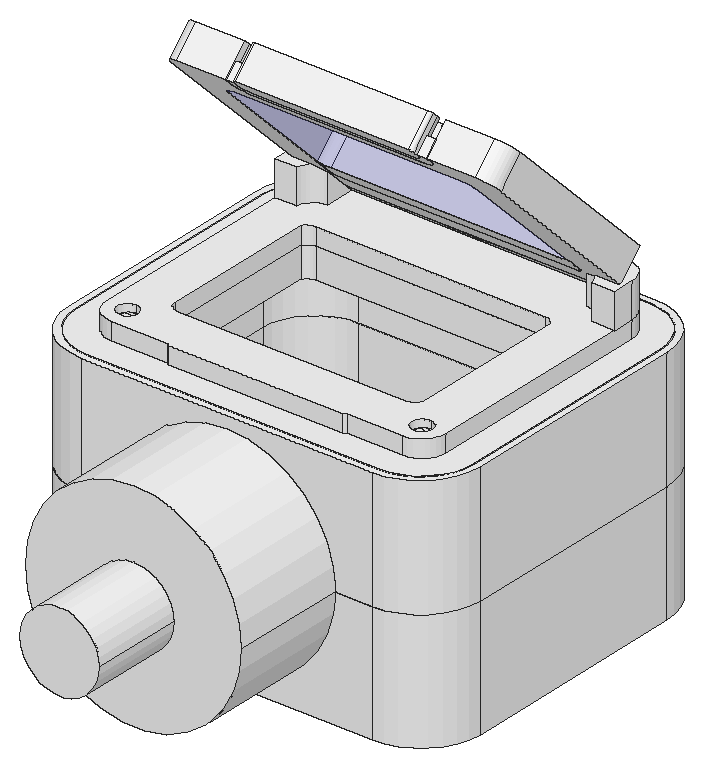
Revit family "Domotics-DomesticRanges-GEWISS-27COMBI_SYSTEM-IP55_FIXING_POST_HEAD", category Apparecchi elettrici, host Superficie, Revit 2016 (continued)
Definition of nested family "SYSTEM CONTENITORI IP55 3P TESTAPALO_BASE"
  Forms (mm)
    Extrusion 43, solid, detail levels medium+fine
      sketch origin (0, 0, 0) x (1, 0, 0) y (0, 0, 1)
        loop
          circle (0, 35) r 31.6
      from 51.5 to 85.533
    Extrusion 44, solid, detail levels medium+fine
      sketch origin (0, 0, 0) x (1, 0, 0) y (0, 0, 1)
        loop
          circle (0, 35) r 11.6
      from 85.533 to 112.5
    Extrusion 45, solid, material <- "SCATOLA", detail levels coarse
      sketch origin (0, 0, 17.5) x (1, 0, 0) y (0, 1, 0)
        loop
          line (42.5, 51.5) -> (-42.5, 51.5)
          arc (-42.5, 51.5) -> (-54.874, 46.374) -> (-60, 34) r 17.5
          line (-60, 34) -> (-60, -34)
          arc (-60, -34) -> (-54.874, -46.374) -> (-42.5, -51.5) r 17.5
          line (-42.5, -51.5) -> (42.5, -51.5)
          arc (42.5, -51.5) -> (54.874, -46.374) -> (60, -34) r 17.5
          line (60, -34) -> (60, 34)
          arc (60, 34) -> (54.874, 46.374) -> (42.5, 51.5) r 17.5
      from -17.5 to 52.5
  Cuts and joins
    joined: Extrusion 1, Extrusion 2
  Lines and regions (mm)
    model lines, not visible
      curve 1: line (42.5, 51.5, 0) -> (-42.5, 51.5, 0)
      curve 2: line (-60, -34, 0) -> (-60, 34, 0)
      curve 3: arc (-42.5, 51.5, 0) -> (-54.874, 46.374, 0) -> (-60, 34, 0) r 17.5
      curve 4: arc (-60, -34, 0) -> (-54.874, -46.374, 0) -> (-42.5, -51.5, 0) r 17.5
      curve 5: line (42.5, -51.5, 0) -> (-42.5, -51.5, 0)
      curve 6: arc (42.5, -51.5, 0) -> (54.874, -46.374, 0) -> (60, -34, 0) r 17.5
      curve 7: line (60, -34, 0) -> (60, 34, 0)
      curve 8: arc (60, 34, 0) -> (54.874, 46.374, 0) -> (42.5, 51.5, 0) r 17.5
      curve 9: arc (56.306, 34.157, 0) -> (52.271, 43.898, 0) -> (42.529, 47.933, 0) r 13.777
      curve 10: line (42.529, 47.933, 0) -> (-42.496, 47.933, 0)
      curve 11: arc (-42.496, 47.933, 0) -> (-51.949, 44.221, 0) -> (-56.35, 35.067, 0) r 13.891
      curve 12: line (-56.35, -34, 0) -> (-56.35, 35.067, 0)
      curve 13: arc (-56.35, -34, 0) -> (-52.293, -43.793, 0) -> (-42.5, -47.85, 0) r 13.85
      curve 14: line (42.5, -47.85, 0) -> (-42.5, -47.85, 0)
      curve 15: arc (42.5, -47.85, 0) -> (52.675, -43.395, 0) -> (56.306, -32.898, 0) r 13.85
      curve 16: line (56.306, -32.898, 0) -> (56.306, 34.157, 0)
      curve 17: line (49.763, -33.831, 0) -> (49.763, 34.169, 0)
      curve 18: arc (49.763, 34.169, 0) -> (47.713, 39.118, 0) -> (42.763, 41.169, 0) r 7
      curve 19: line (-42.237, 41.169, 0) -> (42.763, 41.169, 0)
      curve 20: arc (-42.237, 41.169, 0) -> (-47.186, 39.118, 0) -> (-49.237, 34.169, 0) r 7
      curve 21: line (-49.237, -33.831, 0) -> (-49.237, 34.169, 0)
      curve 22: arc (-49.237, -33.831, 0) -> (-47.186, -38.781, 0) -> (-42.237, -40.831, 0) r 7
      curve 23: line (-42.237, -40.831, 0) -> (-25.898, -40.831, 0)
      curve 24: arc (-26.037, -40.324, 0) -> (-25.744, -41.031, 0) -> (-25.037, -41.324, 0) r 1
      curve 25: line (-25.037, -41.324, 0) -> (25.563, -41.324, 0)
      curve 26: arc (25.563, -41.324, 0) -> (26.271, -41.031, 0) -> (26.563, -40.324, 0) r 1
      curve 27: line (26.425, -40.831, 0) -> (42.763, -40.831, 0)
      curve 28: arc (42.763, -40.831, 0) -> (47.713, -38.781, 0) -> (49.763, -33.831, 0) r 7
      curve 29: line (26.563, -40.324, 0) -> (26.563, -38.165, 0)
      curve 30: arc (26.563, -38.165, 0) -> (25.685, -36.044, 0) -> (23.563, -35.165, 0) r 3
      curve 31: line (-23.037, -35.165, 0) -> (23.563, -35.165, 0)
      curve 32: arc (-23.037, -35.165, 0) -> (-25.158, -36.044, 0) -> (-26.037, -38.165, 0) r 3
      curve 33: line (-26.037, -40.324, 0) -> (-26.037, -38.165, 0)
      curve 34: circle (-17.337, -38.622, 0) r 1 normal (0, 0, 1)
      curve 35: circle (-8.537, -38.622, 0) r 1 normal (0, 0, 1)
      curve 36: circle (0.263, -38.622, 0) r 1 normal (0, 0, 1)
      curve 37: circle (9.063, -38.622, 0) r 1 normal (0, 0, 1)
      curve 38: circle (17.863, -38.622, 0) r 1 normal (0, 0, 1)
      curve 39: line (-38.5, -39.2, 0) -> (-29.037, -39.2, 0)
      curve 40: arc (-39.5, -38.2, 0) -> (-39.207, -38.907, 0) -> (-38.5, -39.2, 0) r 1
      curve 41: line (-39.5, -38.2, 0) -> (-39.5, -34.5, 0)
      curve 42: arc (-39.5, -34.5, 0) -> (-40.525, -32.025, 0) -> (-43, -31, 0) r 3.5
      curve 43: line (-43, -31, 0) -> (-46.7, -31, 0)
      curve 44: arc (-47.7, -30, 0) -> (-47.407, -30.707, 0) -> (-46.7, -31, 0) r 1
      curve 45: circle (-42.737, -34.331, 0) r 3 normal (0, 0, 1)
      curve 46: line (-44.019, -32.701, 0) -> (-41.455, -35.962, 0)
      curve 47: line (-44.459, -35.652, 0) -> (-41.014, -33.01, 0)
      curve 48: line (-47.7, -30, 0) -> (-47.7, 27.667, 0)
      curve 49: arc (-49.237, 27.637, 0) -> (-46.111, 27.71, 0) -> (-42.986, 27.836, 0) r 185.778
      curve 50: arc (-37.737, 32.513, 0) -> (-41.206, 31.123, 0) -> (-42.986, 27.836, 0) r 5.5
      curve 51: line (-37.737, 32.513, 0) -> (-37.737, 41.169, 0)
      curve 52: circle (-42.737, 34.669, 0) r 3 normal (0, 0, 1)
      curve 53: line (-43.287, 36.669, 0) -> (-42.187, 32.669, 0)
      curve 54: line (-44.837, 34.119, 0) -> (-40.637, 35.219, 0)
      curve 55: arc (38.063, 38.269, 0) -> (0.163, 39.169, 0) -> (-37.737, 38.268, 0) r 798.156
      curve 56: line (38.063, 32.217, 0) -> (38.063, 41.169, 0)
      curve 57: arc (43.264, 27.342, 0) -> (41.631, 30.811, 0) -> (38.063, 32.217, 0) r 5.2
      curve 58: arc (43.264, 27.342, 0) -> (46.513, 27.221, 0) -> (49.763, 27.16, 0) r 177.869
      curve 59: circle (43.263, 34.669, 0) r 3 normal (0, 0, 1)
      curve 60: line (44.578, 32.941, 0) -> (41.949, 36.396, 0)
      curve 61: line (41.628, 33.393, 0) -> (44.899, 35.944, 0)
      curve 62: line (47.7, -30, 0) -> (47.7, 27.192, 0)
      curve 63: arc (46.7, -31, 0) -> (47.407, -30.707, 0) -> (47.7, -30, 0) r 1
      curve 64: line (46.7, -31, 0) -> (43, -31, 0)
      curve 65: arc (43, -31, 0) -> (40.525, -32.025, 0) -> (39.5, -34.5, 0) r 3.5
      curve 66: line (39.5, -38.2, 0) -> (39.5, -34.5, 0)
      curve 67: arc (38.5, -39.2, 0) -> (39.207, -38.907, 0) -> (39.5, -38.2, 0) r 1
      curve 68: circle (43.263, -34.331, 0) r 3 normal (0, 0, 1)
      curve 69: line (42.713, -32.331, 0) -> (43.813, -36.331, 0)
      curve 70: line (41.163, -34.881, 0) -> (45.363, -33.781, 0)
      curve 71: line (38.5, -39.2, 0) -> (29.563, -39.2, 0)
      curve 72: line (-33.5, -27.831, 0) -> (33.5, -27.831, 0)
      curve 73: arc (-36.5, -24.831, 0) -> (-35.621, -26.953, 0) -> (-33.5, -27.831, 0) r 3
      curve 74: line (-36.5, -24.831, 0) -> (-36.5, 27.169, 0)
      curve 75: line (-34.65, 19.669, 0) -> (-34.65, -25.331, 0)
      curve 76: line (-34.65, -25.331, 0) -> (34.65, -25.331, 0)
      curve 77: line (36.5, -24.831, 0) -> (36.5, 27.169, 0)
      curve 78: arc (33.5, -27.831, 0) -> (35.621, -26.953, 0) -> (36.5, -24.831, 0) r 3
      curve 79: arc (36.5, 20.971, 0) -> (35.223, 22.215, 0) -> (33.5, 22.669, 0) r 3.5
      curve 80: line (34.65, 19.669, 0) -> (-34.65, 19.669, 0)
      curve 81: line (-33.5, 22.669, 0) -> (33.5, 22.669, 0)
      curve 82: arc (-33.5, 22.669, 0) -> (-35.223, 22.215, 0) -> (-36.5, 20.971, 0) r 3.5
      curve 83: arc (-33.5, 30.169, 0) -> (-35.621, 29.29, 0) -> (-36.5, 27.169, 0) r 3
      curve 84: line (-33.5, 30.169, 0) -> (33.5, 30.169, 0)
      curve 85: arc (36.5, 27.169, 0) -> (35.621, 29.29, 0) -> (33.5, 30.169, 0) r 3
      curve 86: line (-28, -52.5, 0) -> (-28, -51.5, 0)
      curve 87: line (-16, -52.5, 0) -> (-28, -52.5, 0)
      curve 88: line (-16, -51.5, 0) -> (-16, -52.5, 0)
      curve 89: line (16, -52.5, 0) -> (16, -51.5, 0)
      curve 90: line (28, -52.5, 0) -> (16, -52.5, 0)
      curve 91: line (28, -51.5, 0) -> (28, -52.5, 0)
      curve 92: line (-16.444, -65.422, 0) -> (-16.444, -52.5, 0)
      curve 93: arc (-16.444, -65.422, 0) -> (-16.152, -66.129, 0) -> (-15.444, -66.422, 0) r 1
      curve 94: line (15.52, -66.422, 0) -> (-15.444, -66.422, 0)
      curve 95: arc (15.52, -66.422, 0) -> (16.227, -66.129, 0) -> (16.52, -65.422, 0) r 1
      curve 96: line (16.52, -65.422, 0) -> (16.52, -52.5, 0)
      curve 97: line (26.038, -64.422, 0) -> (26.038, -52.5, 0)
      curve 98: arc (8.538, -81.922, 0) -> (20.912, -76.796, 0) -> (26.038, -64.422, 0) r 17.5
      curve 99: line (8.538, -81.922, 0) -> (-8.462, -81.922, 0)
      curve 100: circle (0.038, -74.922, 0) r 2 normal (0, 0, 1)
      curve 101: arc (-25.962, -64.422, 0) -> (-20.837, -76.796, 0) -> (-8.462, -81.922, 0) r 17.5
      curve 102: line (-25.962, -64.422, 0) -> (-25.962, -52.5, 0)
      curve 103: line (8.538, 81.922, 0) -> (-8.462, 81.922, 0)
      curve 104: arc (-8.462, 81.922, 0) -> (-20.837, 76.796, 0) -> (-25.962, 64.422, 0) r 17.5
      curve 105: arc (26.038, 64.422, 0) -> (20.912, 76.796, 0) -> (8.538, 81.922, 0) r 17.5
      curve 106: line (26.038, 64.422, 0) -> (26.038, 52.5, 0)
      curve 107: line (16.52, 65.422, 0) -> (16.52, 52.5, 0)
      curve 108: arc (16.52, 65.422, 0) -> (16.227, 66.129, 0) -> (15.52, 66.422, 0) r 1
      curve 109: line (15.52, 66.422, 0) -> (-15.444, 66.422, 0)
      curve 110: line (-16.444, 65.422, 0) -> (-16.444, 52.5, 0)
      curve 111: arc (-15.444, 66.422, 0) -> (-16.152, 66.129, 0) -> (-16.444, 65.422, 0) r 1
      curve 112: line (-25.962, 64.422, 0) -> (-25.962, 52.5, 0)
      curve 113: line (28, 52.5, 0) -> (16, 52.5, 0)
      curve 114: line (28, 51.5, 0) -> (28, 52.5, 0)
      curve 115: line (16, 52.5, 0) -> (16, 51.5, 0)
      curve 116: line (-16, 51.5, 0) -> (-16, 52.5, 0)
      curve 117: line (-16, 52.5, 0) -> (-28, 52.5, 0)
      curve 118: line (34.65, -25.331, 0) -> (34.65, 19.669, 0)
      curve 119: line (-29.037, -40.831, 0) -> (-29.037, -37.188, 0)
      curve 120: arc (-24.537, -32.688, 0) -> (-27.719, -34.006, 0) -> (-29.037, -37.188, 0) r 4.5
      curve 121: line (-24.537, -32.688, 0) -> (25.063, -32.688, 0)
      curve 122: arc (29.563, -37.188, 0) -> (28.245, -34.006, 0) -> (25.063, -32.688, 0) r 4.5
      curve 123: line (29.563, -40.831, 0) -> (29.563, -37.188, 0)
      curve 124: line (-28, 52.5, 0) -> (-28, 51.5, 0)
    model lines, not visible, detail levels coarse
      curve 125: line (42.5, 51.5, 155) -> (-42.5, 51.5, 155)
      curve 126: line (-60, -34, 155) -> (-60, 34, 155)
      curve 127: arc (-42.5, 51.5, 155) -> (-54.874, 46.374, 155) -> (-60, 34, 155) r 17.5
      curve 128: arc (-60, -34, 155) -> (-54.874, -46.374, 155) -> (-42.5, -51.5, 155) r 17.5
      curve 129: line (42.5, -51.5, 155) -> (-42.5, -51.5, 155)
      curve 130: arc (42.5, -51.5, 155) -> (54.874, -46.374, 155) -> (60, -34, 155) r 17.5
      curve 131: line (60, -34, 155) -> (60, 34, 155)
      curve 132: arc (60, 34, 155) -> (54.874, 46.374, 155) -> (42.5, 51.5, 155) r 17.5
      curve 133: arc (56.306, 34.157, 155) -> (52.271, 43.898, 155) -> (42.529, 47.933, 155) r 13.777
      curve 134: line (42.529, 47.933, 155) -> (-42.496, 47.933, 155)
      curve 135: arc (-42.496, 47.933, 155) -> (-51.949, 44.221, 155) -> (-56.35, 35.067, 155) r 13.891
      curve 136: line (-56.35, -34, 155) -> (-56.35, 35.067, 155)
      curve 137: arc (-56.35, -34, 155) -> (-52.293, -43.793, 155) -> (-42.5, -47.85, 155) r 13.85
      curve 138: line (42.5, -47.85, 155) -> (-42.5, -47.85, 155)
      curve 139: arc (42.5, -47.85, 155) -> (52.675, -43.395, 155) -> (56.306, -32.898, 155) r 13.85
      curve 140: line (56.306, -32.898, 155) -> (56.306, 34.157, 155)
      curve 141: line (49.763, -33.831, 155) -> (49.763, 34.169, 155)
      curve 142: arc (49.763, 34.169, 155) -> (47.713, 39.118, 155) -> (42.763, 41.169, 155) r 7
      curve 143: line (-42.237, 41.169, 155) -> (42.763, 41.169, 155)
      curve 144: arc (-42.237, 41.169, 155) -> (-47.186, 39.118, 155) -> (-49.237, 34.169, 155) r 7
      curve 145: line (-49.237, -33.831, 155) -> (-49.237, 34.169, 155)
      curve 146: arc (-49.237, -33.831, 155) -> (-47.186, -38.781, 155) -> (-42.237, -40.831, 155) r 7
      curve 147: line (-42.237, -40.831, 155) -> (-25.898, -40.831, 155)
      curve 148: arc (-26.037, -40.324, 155) -> (-25.744, -41.031, 155) -> (-25.037, -41.324, 155) r 1
      curve 149: line (-25.037, -41.324, 155) -> (25.563, -41.324, 155)
      curve 150: arc (25.563, -41.324, 155) -> (26.271, -41.031, 155) -> (26.563, -40.324, 155) r 1
      curve 151: line (26.425, -40.831, 155) -> (42.763, -40.831, 155)
      curve 152: arc (42.763, -40.831, 155) -> (47.713, -38.781, 155) -> (49.763, -33.831, 155) r 7
      curve 153: line (26.563, -40.324, 155) -> (26.563, -38.165, 155)
      curve 154: arc (26.563, -38.165, 155) -> (25.685, -36.044, 155) -> (23.563, -35.165, 155) r 3
      curve 155: line (-23.037, -35.165, 155) -> (23.563, -35.165, 155)
      curve 156: arc (-23.037, -35.165, 155) -> (-25.158, -36.044, 155) -> (-26.037, -38.165, 155) r 3
      curve 157: line (-26.037, -40.324, 155) -> (-26.037, -38.165, 155)
      curve 158: circle (-17.337, -38.622, 155) r 1 normal (0, 0, 1)
      curve 159: circle (-8.537, -38.622, 155) r 1 normal (0, 0, 1)
      curve 160: circle (0.263, -38.622, 155) r 1 normal (0, 0, 1)
      curve 161: circle (9.063, -38.622, 155) r 1 normal (0, 0, 1)
      curve 162: circle (17.863, -38.622, 155) r 1 normal (0, 0, 1)
      curve 163: line (-38.5, -39.2, 155) -> (-29.037, -39.2, 155)
      curve 164: arc (-39.5, -38.2, 155) -> (-39.207, -38.907, 155) -> (-38.5, -39.2, 155) r 1
      curve 165: line (-39.5, -38.2, 155) -> (-39.5, -34.5, 155)
      curve 166: arc (-39.5, -34.5, 155) -> (-40.525, -32.025, 155) -> (-43, -31, 155) r 3.5
      curve 167: line (-43, -31, 155) -> (-46.7, -31, 155)
      curve 168: arc (-47.7, -30, 155) -> (-47.407, -30.707, 155) -> (-46.7, -31, 155) r 1
      curve 169: circle (-42.737, -34.331, 155) r 3 normal (0, 0, 1)
      curve 170: line (-44.019, -32.701, 155) -> (-41.455, -35.962, 155)
      curve 171: line (-44.459, -35.652, 155) -> (-41.014, -33.01, 155)
      curve 172: line (-47.7, -30, 155) -> (-47.7, 27.667, 155)
      curve 173: arc (-49.237, 27.637, 155) -> (-46.111, 27.71, 155) -> (-42.986, 27.836, 155) r 185.778
      curve 174: arc (-37.737, 32.513, 155) -> (-41.206, 31.123, 155) -> (-42.986, 27.836, 155) r 5.5
      curve 175: line (-37.737, 32.513, 155) -> (-37.737, 41.169, 155)
      curve 176: circle (-42.737, 34.669, 155) r 3 normal (0, 0, 1)
      curve 177: line (-43.287, 36.669, 155) -> (-42.187, 32.669, 155)
      curve 178: line (-44.837, 34.119, 155) -> (-40.637, 35.219, 155)
      curve 179: arc (38.063, 38.269, 155) -> (0.163, 39.169, 155) -> (-37.737, 38.268, 155) r 798.156
      curve 180: line (38.063, 32.217, 155) -> (38.063, 41.169, 155)
      curve 181: arc (43.264, 27.342, 155) -> (41.631, 30.811, 155) -> (38.063, 32.217, 155) r 5.2
      curve 182: arc (43.264, 27.342, 155) -> (46.513, 27.221, 155) -> (49.763, 27.16, 155) r 177.869
      curve 183: circle (43.263, 34.669, 155) r 3 normal (0, 0, 1)
      curve 184: line (44.578, 32.941, 155) -> (41.949, 36.396, 155)
      curve 185: line (41.628, 33.393, 155) -> (44.899, 35.944, 155)
      curve 186: line (47.7, -30, 155) -> (47.7, 27.192, 155)
      curve 187: arc (46.7, -31, 155) -> (47.407, -30.707, 155) -> (47.7, -30, 155) r 1
      curve 188: line (46.7, -31, 155) -> (43, -31, 155)
      curve 189: arc (43, -31, 155) -> (40.525, -32.025, 155) -> (39.5, -34.5, 155) r 3.5
      curve 190: line (39.5, -38.2, 155) -> (39.5, -34.5, 155)
      curve 191: arc (38.5, -39.2, 155) -> (39.207, -38.907, 155) -> (39.5, -38.2, 155) r 1
      curve 192: circle (43.263, -34.331, 155) r 3 normal (0, 0, 1)
      curve 193: line (42.713, -32.331, 155) -> (43.813, -36.331, 155)
      curve 194: line (41.163, -34.881, 155) -> (45.363, -33.781, 155)
      curve 195: line (38.5, -39.2, 155) -> (29.563, -39.2, 155)
      curve 196: line (-33.5, -27.831, 155) -> (33.5, -27.831, 155)
      curve 197: arc (-36.5, -24.831, 155) -> (-35.621, -26.953, 155) -> (-33.5, -27.831, 155) r 3
      curve 198: line (-36.5, -24.831, 155) -> (-36.5, 27.169, 155)
      curve 199: line (-34.65, 19.669, 155) -> (-34.65, -25.331, 155)
      curve 200: line (-34.65, -25.331, 155) -> (34.65, -25.331, 155)
      curve 201: line (36.5, -24.831, 155) -> (36.5, 27.169, 155)
      curve 202: arc (33.5, -27.831, 155) -> (35.621, -26.953, 155) -> (36.5, -24.831, 155) r 3
      curve 203: arc (36.5, 20.971, 155) -> (35.223, 22.215, 155) -> (33.5, 22.669, 155) r 3.5
      curve 204: line (34.65, 19.669, 155) -> (-34.65, 19.669, 155)
      curve 205: line (-33.5, 22.669, 155) -> (33.5, 22.669, 155)
      curve 206: arc (-33.5, 22.669, 155) -> (-35.223, 22.215, 155) -> (-36.5, 20.971, 155) r 3.5
      curve 207: arc (-33.5, 30.169, 155) -> (-35.621, 29.29, 155) -> (-36.5, 27.169, 155) r 3
      curve 208: line (-33.5, 30.169, 155) -> (33.5, 30.169, 155)
      curve 209: arc (36.5, 27.169, 155) -> (35.621, 29.29, 155) -> (33.5, 30.169, 155) r 3
      curve 210: line (34.65, -25.331, 155) -> (34.65, 19.669, 155)
      curve 211: line (-29.037, -40.831, 155) -> (-29.037, -37.188, 155)
      curve 212: arc (-24.537, -32.688, 155) -> (-27.719, -34.006, 155) -> (-29.037, -37.188, 155) r 4.5
      curve 213: line (-24.537, -32.688, 155) -> (25.063, -32.688, 155)
      curve 214: arc (29.563, -37.188, 155) -> (28.245, -34.006, 155) -> (25.063, -32.688, 155) r 4.5
      curve 215: line (29.563, -40.831, 155) -> (29.563, -37.188, 155)
      curve 224: line (-31.618, -85.533, 155) -> (-31.618, -51.5, 155)
      curve 225: line (31.618, -85.533, 155) -> (-31.618, -85.533, 155)
      curve 226: line (-11.59, -112.5, 155) -> (-11.59, -85.533, 155)
      curve 227: line (11.59, -112.5, 155) -> (-11.59, -112.5, 155)
      curve 228: line (11.59, -85.533, 155) -> (11.59, -112.5, 155)
      curve 229: line (31.618, -51.5, 155) -> (31.618, -85.533, 155)
    sketch lines
      curve 216: line (37.737, 41.169, 75) -> (0, 41.169, 75)
      curve 217: line (-37.737, 41.169, 75) -> (0, 41.169, 75)
      curve 220: line (37.737, 41.169, 75) -> (0, 41.169, 75)
      curve 221: line (-37.737, 41.169, 75) -> (0, 41.169, 75)
    sketch lines, not visible
      curve 218: line (37.737, 41.169, 75) -> (0, 41.169, 75)
      curve 219: line (-37.737, 41.169, 75) -> (0, 41.169, 75)
      curve 222: line (-100.757, -146.049, 47.299) -> (-138.493, -146.049, 47.299)
      curve 223: line (-176.23, -146.049, 47.299) -> (-138.493, -146.049, 47.299)
    model lines, detail levels coarse
      curve 230: line (42.5, 51.5, 70) -> (-42.5, 51.5, 70)
      curve 231: line (-60, -34, 70) -> (-60, 34, 70)
      curve 232: arc (-42.5, 51.5, 70) -> (-54.874, 46.374, 70) -> (-60, 34, 70) r 17.5
      curve 233: arc (-60, -34, 70) -> (-54.874, -46.374, 70) -> (-42.5, -51.5, 70) r 17.5
      curve 234: line (42.5, -51.5, 70) -> (-42.5, -51.5, 70)
      curve 235: arc (42.5, -51.5, 70) -> (54.874, -46.374, 70) -> (60, -34, 70) r 17.5
      curve 236: line (60, -34, 70) -> (60, 34, 70)
      curve 237: arc (60, 34, 70) -> (54.874, 46.374, 70) -> (42.5, 51.5, 70) r 17.5
      curve 238: arc (56.306, 34.157, 70) -> (52.271, 43.898, 70) -> (42.529, 47.933, 70) r 13.777
      curve 239: line (42.529, 47.933, 70) -> (-42.496, 47.933, 70)
      curve 240: arc (-42.496, 47.933, 70) -> (-51.949, 44.221, 70) -> (-56.35, 35.067, 70) r 13.891
      curve 241: line (-56.35, -34, 70) -> (-56.35, 35.067, 70)
      curve 242: arc (-56.35, -34, 70) -> (-52.293, -43.793, 70) -> (-42.5, -47.85, 70) r 13.85
      curve 243: line (42.5, -47.85, 70) -> (-42.5, -47.85, 70)
      curve 244: arc (42.5, -47.85, 70) -> (52.675, -43.395, 70) -> (56.306, -32.898, 70) r 13.85
      curve 245: line (56.306, -32.898, 70) -> (56.306, 34.157, 70)
      curve 246: line (49.763, -33.831, 70) -> (49.763, 34.169, 70)
      curve 247: arc (49.763, 34.169, 70) -> (47.713, 39.118, 70) -> (42.763, 41.169, 70) r 7
      curve 248: line (-42.237, 41.169, 70) -> (42.763, 41.169, 70)
      curve 249: arc (-42.237, 41.169, 70) -> (-47.186, 39.118, 70) -> (-49.237, 34.169, 70) r 7
      curve 250: line (-49.237, -33.831, 70) -> (-49.237, 34.169, 70)
      curve 251: arc (-49.237, -33.831, 70) -> (-47.186, -38.781, 70) -> (-42.237, -40.831, 70) r 7
      curve 252: line (-42.237, -40.831, 70) -> (-25.898, -40.831, 70)
      curve 253: arc (-26.037, -40.324, 70) -> (-25.744, -41.031, 70) -> (-25.037, -41.324, 70) r 1
      curve 254: line (-25.037, -41.324, 70) -> (25.563, -41.324, 70)
      curve 255: arc (25.563, -41.324, 70) -> (26.271, -41.031, 70) -> (26.563, -40.324, 70) r 1
      curve 256: line (26.425, -40.831, 70) -> (42.763, -40.831, 70)
      curve 257: arc (42.763, -40.831, 70) -> (47.713, -38.781, 70) -> (49.763, -33.831, 70) r 7
      curve 258: line (26.563, -40.324, 70) -> (26.563, -38.165, 70)
      curve 259: arc (26.563, -38.165, 70) -> (25.685, -36.044, 70) -> (23.563, -35.165, 70) r 3
      curve 260: line (-23.037, -35.165, 70) -> (23.563, -35.165, 70)
      curve 261: arc (-23.037, -35.165, 70) -> (-25.158, -36.044, 70) -> (-26.037, -38.165, 70) r 3
      curve 262: line (-26.037, -40.324, 70) -> (-26.037, -38.165, 70)
      curve 263: circle (-17.337, -38.622, 70) r 1 normal (0, 0, 1)
      curve 264: circle (-8.537, -38.622, 70) r 1 normal (0, 0, 1)
      curve 265: circle (0.263, -38.622, 70) r 1 normal (0, 0, 1)
      curve 266: circle (9.063, -38.622, 70) r 1 normal (0, 0, 1)
      curve 267: circle (17.863, -38.622, 70) r 1 normal (0, 0, 1)
      curve 268: line (-38.5, -39.2, 70) -> (-29.037, -39.2, 70)
      curve 269: arc (-39.5, -38.2, 70) -> (-39.207, -38.907, 70) -> (-38.5, -39.2, 70) r 1
      curve 270: line (-39.5, -38.2, 70) -> (-39.5, -34.5, 70)
      curve 271: arc (-39.5, -34.5, 70) -> (-40.525, -32.025, 70) -> (-43, -31, 70) r 3.5
      curve 272: line (-43, -31, 70) -> (-46.7, -31, 70)
      curve 273: arc (-47.7, -30, 70) -> (-47.407, -30.707, 70) -> (-46.7, -31, 70) r 1
      curve 274: circle (-42.737, -34.331, 70) r 3 normal (0, 0, 1)
      curve 275: line (-44.019, -32.701, 70) -> (-41.455, -35.962, 70)
      curve 276: line (-44.459, -35.652, 70) -> (-41.014, -33.01, 70)
      curve 277: line (-47.7, -30, 70) -> (-47.7, 27.667, 70)
      curve 278: arc (-49.237, 27.637, 70) -> (-46.111, 27.71, 70) -> (-42.986, 27.836, 70) r 185.778
      curve 279: arc (-37.737, 32.513, 70) -> (-41.206, 31.123, 70) -> (-42.986, 27.836, 70) r 5.5
      curve 280: line (-37.737, 32.513, 70) -> (-37.737, 41.169, 70)
      curve 281: circle (-42.737, 34.669, 70) r 3 normal (0, 0, 1)
      curve 282: line (-43.287, 36.669, 70) -> (-42.187, 32.669, 70)
      curve 283: line (-44.837, 34.119, 70) -> (-40.637, 35.219, 70)
      curve 284: arc (38.063, 38.269, 70) -> (0.163, 39.169, 70) -> (-37.737, 38.268, 70) r 798.156
      curve 285: line (38.063, 32.217, 70) -> (38.063, 41.169, 70)
      curve 286: arc (43.264, 27.342, 70) -> (41.631, 30.811, 70) -> (38.063, 32.217, 70) r 5.2
      curve 287: arc (43.264, 27.342, 70) -> (46.513, 27.221, 70) -> (49.763, 27.16, 70) r 177.869
      curve 288: circle (43.263, 34.669, 70) r 3 normal (0, 0, 1)
      curve 289: line (44.578, 32.941, 70) -> (41.949, 36.396, 70)
      curve 290: line (41.628, 33.393, 70) -> (44.899, 35.944, 70)
      curve 291: line (47.7, -30, 70) -> (47.7, 27.192, 70)
      curve 292: arc (46.7, -31, 70) -> (47.407, -30.707, 70) -> (47.7, -30, 70) r 1
      curve 293: line (46.7, -31, 70) -> (43, -31, 70)
      curve 294: arc (43, -31, 70) -> (40.525, -32.025, 70) -> (39.5, -34.5, 70) r 3.5
      curve 295: line (39.5, -38.2, 70) -> (39.5, -34.5, 70)
      curve 296: arc (38.5, -39.2, 70) -> (39.207, -38.907, 70) -> (39.5, -38.2, 70) r 1
      curve 297: circle (43.263, -34.331, 70) r 3 normal (0, 0, 1)
      curve 298: line (42.713, -32.331, 70) -> (43.813, -36.331, 70)
      curve 299: line (41.163, -34.881, 70) -> (45.363, -33.781, 70)
      curve 300: line (38.5, -39.2, 70) -> (29.563, -39.2, 70)
      curve 301: line (-33.5, -27.831, 70) -> (33.5, -27.831, 70)
      curve 302: arc (-36.5, -24.831, 70) -> (-35.621, -26.953, 70) -> (-33.5, -27.831, 70) r 3
      curve 303: line (-36.5, -24.831, 70) -> (-36.5, 27.169, 70)
      curve 304: line (-34.65, 19.669, 70) -> (-34.65, -25.331, 70)
      curve 305: line (-34.65, -25.331, 70) -> (34.65, -25.331, 70)
      curve 306: line (36.5, -24.831, 70) -> (36.5, 27.169, 70)
      curve 307: arc (33.5, -27.831, 70) -> (35.621, -26.953, 70) -> (36.5, -24.831, 70) r 3
      curve 308: arc (36.5, 20.971, 70) -> (35.223, 22.215, 70) -> (33.5, 22.669, 70) r 3.5
      curve 309: line (34.65, 19.669, 70) -> (-34.65, 19.669, 70)
      curve 310: line (-33.5, 22.669, 70) -> (33.5, 22.669, 70)
      curve 311: arc (-33.5, 22.669, 70) -> (-35.223, 22.215, 70) -> (-36.5, 20.971, 70) r 3.5
      curve 312: arc (-33.5, 30.169, 70) -> (-35.621, 29.29, 70) -> (-36.5, 27.169, 70) r 3
      curve 313: line (-33.5, 30.169, 70) -> (33.5, 30.169, 70)
      curve 314: arc (36.5, 27.169, 70) -> (35.621, 29.29, 70) -> (33.5, 30.169, 70) r 3
      curve 315: line (34.65, -25.331, 70) -> (34.65, 19.669, 70)
      curve 316: line (-29.037, -40.831, 70) -> (-29.037, -37.188, 70)
      curve 317: arc (-24.537, -32.688, 70) -> (-27.719, -34.006, 70) -> (-29.037, -37.188, 70) r 4.5
      curve 318: line (-24.537, -32.688, 70) -> (25.063, -32.688, 70)
      curve 319: arc (29.563, -37.188, 70) -> (28.245, -34.006, 70) -> (25.063, -32.688, 70) r 4.5
      curve 320: line (29.563, -40.831, 70) -> (29.563, -37.188, 70)
      curve 321: line (-31.618, -85.533, 70) -> (-31.618, -51.5, 70)
      curve 322: line (31.618, -85.533, 70) -> (-31.618, -85.533, 70)
      curve 323: line (-11.59, -112.5, 70) -> (-11.59, -85.533, 70)
      curve 324: line (11.59, -112.5, 70) -> (-11.59, -112.5, 70)
      curve 325: line (11.59, -85.533, 70) -> (11.59, -112.5, 70)
      curve 326: line (31.618, -51.5, 70) -> (31.618, -85.533, 70)
  Dimensions and locks
    equal spacing: plane 4, plane 3 "Centro (Sinistra/Destra)", plane 5
    "Larghezza scatola": plane 4 to plane 5
    equal spacing: plane 6, plane 1 "Centro (Fronte/Retro)", plane 7
    "Altezza scatola": plane 6 to plane 7
    plane 9 to plane 11 "PIANO BIDIMENSIONALE" = 5 mm
    equal spacing: plane 11 "PIANO BIDIMENSIONALE", plane 8, level
    level to plane 8 = 35 mm
    aligned and locked: level to plane 2
    aligned and locked: Extrusion 1 to level
    aligned and locked: Extrusion 2 to level
    aligned and locked: plane 8 to Extrusion 1
    aligned and locked: cut or joined group of Extrusion 1, Extrusion 2 to Extrusion 3 sketch curve
    aligned and locked: Extrusion 3 sketch curve to cut or joined group of Extrusion 1, Extrusion 2  (x2)
    aligned and locked: plane 6 to Extrusion 3 sketch curve
    aligned and locked: Extrusion 3 to cut or joined group of Extrusion 1, Extrusion 2
    aligned and locked: Extrusion 5 to Extrusion 4
    aligned and locked: Extrusion 6 to Extrusion 4
    aligned and locked: Extrusion 7 sketch curve to Extrusion 5  (x2)
    aligned and locked: Extrusion 5 to Extrusion 7 sketch curve
    aligned and locked: Extrusion 7 to Extrusion 4
    aligned and locked: Extrusion 9 to Revolve 8
    aligned and locked: Revolve 10 to Extrusion 11
    aligned and locked: Extrusion 14 to Extrusion 4
    aligned and locked: Revolve 8 sketch curve to Extrusion 9
    aligned and locked: Extrusion 11 to Revolve 10 sketch curve
    aligned and locked: Extrusion 4 to plane 11 "PIANO BIDIMENSIONALE"
    aligned and locked: Extrusion 4 to Extrusion 13
    aligned and locked: Extrusion 4 to Extrusion 12
    aligned and locked: Extrusion 4 to Extrusion 11
    aligned and locked: plane 12 to Extrusion 13
    aligned and locked: Extrusion 12 to Extrusion 13
    aligned and locked: plane 9 to Extrusion 4
    aligned and locked: Extrusion 15 to Extrusion 4
    aligned and locked: Extrusion 5 to Extrusion 15
    aligned and locked: SweptBlend 16 sketch curve to Extrusion 5
    aligned and locked: Extrusion 18 to plane 9
    aligned and locked: Extrusion 21 sketch curve to Extrusion 19  (x2)
    aligned and locked: Extrusion 19 to Extrusion 21 sketch curve
    aligned and locked: SweptBlend 23 sketch curve to Extrusion 19
    aligned and locked: Extrusion 28 sketch curve to Extrusion 26  (x2)
    aligned and locked: Extrusion 26 to Extrusion 28 sketch curve
    aligned and locked: SweptBlend 30 sketch curve to Extrusion 26
    aligned and locked: Extrusion 35 sketch curve to Extrusion 33  (x2)
    aligned and locked: Extrusion 33 to Extrusion 35 sketch curve
    aligned and locked: SweptBlend 37 sketch curve to Extrusion 33
    aligned and locked: Extrusion 3 to Extrusion 4
    aligned and locked: Revolve 40 sketch curve to Extrusion 12
    aligned and locked: Extrusion 13 to Revolve 41 sketch curve
    aligned and locked: Extrusion 3 to Extrusion 42
    aligned and locked: cut or joined group of Extrusion 1, Extrusion 2 to plane 2
    aligned and locked: plane 7 to Extrusion 43
    aligned and locked: curve 321 to Extrusion 43
    aligned and locked: Extrusion 44 to curve 321
    aligned and locked: Extrusion 44 to curve 323
    aligned and locked: Extrusion 3 to Extrusion 45 sketch curve
    aligned and locked: Extrusion 45 sketch curve to Extrusion 3  (x3)
    aligned and locked: Extrusion 45 to level
    aligned and locked: Extrusion 45 to Extrusion 3
  Automatic sketch dimensions
    Extrusion 5 sketch curve to Extrusion 5 sketch curve = 0 mm
    Extrusion 5 sketch curve to Extrusion 5 sketch curve = 3 mm  (x3)
    Extrusion 5 sketch curve to Extrusion 5 sketch curve = 0.152 mm  (x2)
    Extrusion 5 sketch curve to Extrusion 5 sketch curve = 4.857 mm
    Extrusion 5 sketch curve to Extrusion 5 sketch curve = 4.5 mm  (x2)
    Extrusion 5 sketch curve to Extrusion 5 sketch curve = 2.012 mm  (x2)
    Extrusion 5 sketch curve to Extrusion 5 sketch curve = 9.963 mm
    Extrusion 5 sketch curve to Extrusion 5 sketch curve = 0.189 mm
    Extrusion 5 sketch curve to Extrusion 5 sketch curve = 14.395 mm  (x2)
    Extrusion 5 sketch curve to Extrusion 5 sketch curve = 4.237 mm
    Extrusion 5 sketch curve to Extrusion 5 sketch curve = 1.048 mm  (x2)
    Extrusion 6 sketch curve to Extrusion 6 sketch curve = 3 mm  (x2)
    Extrusion 6 sketch curve to Extrusion 6 sketch curve = 4.5 mm
    Extrusion 6 sketch curve to Extrusion 6 sketch curve = 1.697 mm  (x2)
    Extrusion 6 sketch curve to Extrusion 6 sketch curve = 3.5 mm
    Extrusion 6 sketch curve to Extrusion 6 sketch curve = 1.803 mm
    Extrusion 7 sketch curve to Extrusion 7 sketch curve = 3 mm  (x2)
    Extrusion 7 sketch curve to Extrusion 7 sketch curve = 1.803 mm  (x2)
    Extrusion 7 sketch curve to Extrusion 7 sketch curve = 1.697 mm
    Extrusion 14 sketch curve to Extrusion 14 sketch curve = 3 mm  (x2)
    Extrusion 14 sketch curve to Extrusion 14 sketch curve = 2.158 mm  (x2)
    Extrusion 14 sketch curve to Extrusion 14 sketch curve = 1 mm
    SweptBlend 16 sketch curve to profile plane = 0 mm  (x4)
    SweptBlend 16 sketch curve to profile plane = 5.776 mm
    SweptBlend 16 sketch curve to SweptBlend 16 sketch curve = 5 mm
    SweptBlend 16 sketch curve to profile plane = 2 mm
    SweptBlend 16 sketch curve to SweptBlend 16 sketch curve = 5.25 mm
    profile plane to SweptBlend 16 sketch curve = 5 mm
    SweptBlend 17 sketch curve to profile plane = 0 mm  (x4)
    profile plane to SweptBlend 17 sketch curve = 2.885 mm
    SweptBlend 17 sketch curve to SweptBlend 17 sketch curve = 2.891 mm
    profile plane to SweptBlend 17 sketch curve = 5 mm  (x2)
    profile plane to SweptBlend 17 sketch curve = 2 mm
    SweptBlend 17 sketch curve to SweptBlend 17 sketch curve = 7.25 mm
    Extrusion 18 sketch curve to Extrusion 18 sketch curve = 2.012 mm
    Extrusion 18 sketch curve to Extrusion 18 sketch curve = 4.5 mm  (x2)
    Extrusion 5 sketch curve to Extrusion 5 sketch curve = 9.633 mm
    Extrusion 5 sketch curve to Extrusion 5 sketch curve = 9.932 mm
    Extrusion 5 sketch curve to Extrusion 5 sketch curve = 5.369 mm  (x2)
    Extrusion 5 sketch curve to Extrusion 5 sketch curve = 1.195 mm  (x2)
    Extrusion 5 sketch curve to Extrusion 5 sketch curve = 0.819 mm
    Extrusion 5 sketch curve to Extrusion 5 sketch curve = 0.182 mm
    Extrusion 5 sketch curve to Extrusion 5 sketch curve = 175.11 mm
    Extrusion 5 sketch curve to Extrusion 5 sketch curve = 0.016 mm
    Extrusion 5 sketch curve to Extrusion 5 sketch curve = 5.771 mm
    Extrusion 5 sketch curve to Extrusion 5 sketch curve = 5.755 mm
    Extrusion 5 sketch curve to Extrusion 5 sketch curve = 2.345 mm
    Extrusion 5 sketch curve to Extrusion 5 sketch curve = 0.65 mm
    Extrusion 5 sketch curve to Extrusion 5 sketch curve = 51.848 mm
    Extrusion 5 sketch curve to Extrusion 5 sketch curve = 719.788 mm
    Extrusion 5 sketch curve to Extrusion 5 sketch curve = 4.315 mm
    Extrusion 5 sketch curve to Extrusion 5 sketch curve = 29.207 mm
    Extrusion 5 sketch curve to Extrusion 5 sketch curve = 8.437 mm
    Extrusion 6 sketch curve to Extrusion 6 sketch curve = 67 mm
    Extrusion 7 sketch curve to Extrusion 7 sketch curve = 44 mm
    Extrusion 7 sketch curve to Extrusion 7 sketch curve = 3.5 mm
    Extrusion 14 sketch curve to Extrusion 14 sketch curve = 46.6 mm
    Extrusion 18 sketch curve to Extrusion 18 sketch curve = 49.6 mm
    Extrusion 19 sketch curve to Extrusion 19 sketch curve = 0 mm
    Extrusion 19 sketch curve to Extrusion 19 sketch curve = 3 mm  (x3)
    Extrusion 19 sketch curve to Extrusion 19 sketch curve = 0.152 mm  (x2)
    Extrusion 19 sketch curve to Extrusion 19 sketch curve = 4.857 mm
    Extrusion 19 sketch curve to Extrusion 19 sketch curve = 4.5 mm  (x2)
    Extrusion 19 sketch curve to Extrusion 19 sketch curve = 2.012 mm  (x2)
    Extrusion 19 sketch curve to Extrusion 19 sketch curve = 9.963 mm
    Extrusion 19 sketch curve to Extrusion 19 sketch curve = 0.189 mm
    Extrusion 19 sketch curve to Extrusion 19 sketch curve = 14.395 mm  (x2)
    Extrusion 19 sketch curve to Extrusion 19 sketch curve = 4.237 mm
    Extrusion 19 sketch curve to Extrusion 19 sketch curve = 1.048 mm  (x2)
    Extrusion 20 sketch curve to Extrusion 20 sketch curve = 3 mm  (x2)
    Extrusion 20 sketch curve to Extrusion 20 sketch curve = 4.5 mm
    Extrusion 20 sketch curve to Extrusion 20 sketch curve = 1.697 mm  (x2)
    Extrusion 20 sketch curve to Extrusion 20 sketch curve = 3.5 mm
    Extrusion 20 sketch curve to Extrusion 20 sketch curve = 1.803 mm
    Extrusion 21 sketch curve to Extrusion 21 sketch curve = 3 mm  (x2)
    Extrusion 21 sketch curve to Extrusion 21 sketch curve = 1.803 mm  (x2)
    Extrusion 21 sketch curve to Extrusion 21 sketch curve = 1.697 mm
    Extrusion 22 sketch curve to Extrusion 22 sketch curve = 3 mm  (x2)
    Extrusion 22 sketch curve to Extrusion 22 sketch curve = 2.158 mm  (x2)
    Extrusion 22 sketch curve to Extrusion 22 sketch curve = 1 mm
    SweptBlend 23 sketch curve to profile plane = 0 mm  (x4)
    SweptBlend 23 sketch curve to profile plane = 5.776 mm
    SweptBlend 23 sketch curve to SweptBlend 23 sketch curve = 5 mm
    SweptBlend 23 sketch curve to profile plane = 2 mm
    SweptBlend 23 sketch curve to SweptBlend 23 sketch curve = 5.25 mm
    profile plane to SweptBlend 23 sketch curve = 5 mm
    SweptBlend 24 sketch curve to profile plane = 0 mm  (x4)
    profile plane to SweptBlend 24 sketch curve = 2.885 mm
    SweptBlend 24 sketch curve to SweptBlend 24 sketch curve = 2.891 mm
    profile plane to SweptBlend 24 sketch curve = 5 mm  (x2)
    profile plane to SweptBlend 24 sketch curve = 2 mm
    SweptBlend 24 sketch curve to SweptBlend 24 sketch curve = 7.25 mm
    Extrusion 25 sketch curve to Extrusion 25 sketch curve = 2.012 mm
    Extrusion 25 sketch curve to Extrusion 25 sketch curve = 4.5 mm  (x2)
    Extrusion 19 sketch curve to Extrusion 19 sketch curve = 9.633 mm
    Extrusion 19 sketch curve to Extrusion 19 sketch curve = 9.932 mm
    Extrusion 19 sketch curve to Extrusion 19 sketch curve = 5.369 mm  (x2)
    Extrusion 19 sketch curve to Extrusion 19 sketch curve = 1.195 mm  (x2)
    Extrusion 19 sketch curve to Extrusion 19 sketch curve = 0.819 mm
    Extrusion 19 sketch curve to Extrusion 19 sketch curve = 0.182 mm
    Extrusion 19 sketch curve to Extrusion 19 sketch curve = 175.11 mm
    Extrusion 19 sketch curve to Extrusion 19 sketch curve = 0.016 mm
    Extrusion 19 sketch curve to Extrusion 19 sketch curve = 5.771 mm
    Extrusion 19 sketch curve to Extrusion 19 sketch curve = 5.755 mm
    Extrusion 19 sketch curve to Extrusion 19 sketch curve = 2.345 mm
    Extrusion 19 sketch curve to Extrusion 19 sketch curve = 0.65 mm
    Extrusion 19 sketch curve to Extrusion 19 sketch curve = 51.848 mm
    Extrusion 19 sketch curve to Extrusion 19 sketch curve = 719.788 mm
    Extrusion 19 sketch curve to Extrusion 19 sketch curve = 4.315 mm
    Extrusion 19 sketch curve to Extrusion 19 sketch curve = 29.207 mm
    Extrusion 19 sketch curve to Extrusion 19 sketch curve = 8.437 mm
    Extrusion 20 sketch curve to Extrusion 20 sketch curve = 67 mm
    Extrusion 21 sketch curve to Extrusion 21 sketch curve = 44 mm
    Extrusion 21 sketch curve to Extrusion 21 sketch curve = 3.5 mm
    Extrusion 22 sketch curve to Extrusion 22 sketch curve = 46.6 mm
    Extrusion 25 sketch curve to Extrusion 25 sketch curve = 49.6 mm
    Extrusion 26 sketch curve to Extrusion 26 sketch curve = 0 mm
    Extrusion 26 sketch curve to Extrusion 26 sketch curve = 175.11 mm
    Extrusion 26 sketch curve to Extrusion 26 sketch curve = 0.016 mm
    Extrusion 26 sketch curve to Extrusion 26 sketch curve = 5.771 mm
    Extrusion 26 sketch curve to Extrusion 26 sketch curve = 5.755 mm
    Extrusion 26 sketch curve to Extrusion 26 sketch curve = 2.345 mm
    Extrusion 26 sketch curve to Extrusion 26 sketch curve = 4.847 mm
    Extrusion 26 sketch curve to Extrusion 26 sketch curve = 4.859 mm
    Extrusion 26 sketch curve to Extrusion 26 sketch curve = 3 mm  (x3)
    Extrusion 26 sketch curve to Extrusion 26 sketch curve = 0.152 mm  (x2)
    Extrusion 26 sketch curve to Extrusion 26 sketch curve = 51.848 mm  (x2)
    Extrusion 26 sketch curve to Extrusion 26 sketch curve = 4.857 mm
    Extrusion 26 sketch curve to Extrusion 26 sketch curve = 9 mm
    Extrusion 26 sketch curve to Extrusion 26 sketch curve = 6 mm
    Extrusion 26 sketch curve to Extrusion 26 sketch curve = 0.633 mm
    Extrusion 26 sketch curve to Extrusion 26 sketch curve = 4.5 mm  (x2)
    Extrusion 26 sketch curve to Extrusion 26 sketch curve = 5.369 mm
    Extrusion 26 sketch curve to Extrusion 26 sketch curve = 2.012 mm
    Extrusion 26 sketch curve to Extrusion 26 sketch curve = 719.788 mm
    Extrusion 26 sketch curve to Extrusion 26 sketch curve = 9.963 mm
    Extrusion 26 sketch curve to Extrusion 26 sketch curve = 4.268 mm
    Extrusion 26 sketch curve to Extrusion 26 sketch curve = 0.189 mm
    Extrusion 26 sketch curve to Extrusion 26 sketch curve = 1.048 mm  (x2)
    Extrusion 26 sketch curve to Extrusion 26 sketch curve = 4.463 mm
    Extrusion 26 sketch curve to Extrusion 26 sketch curve = 49.6 mm
    Extrusion 26 sketch curve to Extrusion 26 sketch curve = 4.237 mm
    Extrusion 26 sketch curve to Extrusion 26 sketch curve = 6.263 mm
    Extrusion 26 sketch curve to Extrusion 26 sketch curve = 1.195 mm
    Extrusion 27 sketch curve to Extrusion 27 sketch curve = 3 mm  (x2)
    Extrusion 27 sketch curve to Extrusion 27 sketch curve = 4.5 mm
    Extrusion 27 sketch curve to Extrusion 27 sketch curve = 1.697 mm  (x2)
    Extrusion 27 sketch curve to Extrusion 27 sketch curve = 3.5 mm
    Extrusion 27 sketch curve to Extrusion 27 sketch curve = 1.803 mm
    Extrusion 27 sketch curve to Extrusion 27 sketch curve = 67 mm
    Extrusion 28 sketch curve to Extrusion 28 sketch curve = 3 mm  (x2)
    Extrusion 28 sketch curve to Extrusion 28 sketch curve = 44 mm  (x2)
    Extrusion 28 sketch curve to Extrusion 28 sketch curve = 1.803 mm  (x2)
    Extrusion 28 sketch curve to Extrusion 28 sketch curve = 1.697 mm
    Extrusion 29 sketch curve to Extrusion 29 sketch curve = 3 mm  (x2)
    Extrusion 29 sketch curve to Extrusion 29 sketch curve = 2.158 mm  (x2)
    Extrusion 29 sketch curve to Extrusion 29 sketch curve = 1 mm
    Extrusion 29 sketch curve to Extrusion 29 sketch curve = 46.6 mm
    SweptBlend 30 sketch curve to profile plane = 0 mm  (x4)
    profile plane to SweptBlend 30 sketch curve = 3.536 mm  (x2)
    profile plane to SweptBlend 30 sketch curve = 5.031 mm
    SweptBlend 30 sketch curve to profile plane = 0.548 mm
    SweptBlend 30 sketch curve to SweptBlend 30 sketch curve = 2.121 mm
    SweptBlend 30 sketch curve to profile plane = 1.414 mm
    SweptBlend 30 sketch curve to profile plane = 1.591 mm
    profile plane to SweptBlend 30 sketch curve = 1.414 mm
    SweptBlend 31 sketch curve to profile plane = 0 mm  (x4)
    profile plane to SweptBlend 31 sketch curve = 0.548 mm
    profile plane to SweptBlend 31 sketch curve = 2.04 mm  (x2)
    SweptBlend 31 sketch curve to profile plane = 3.536 mm  (x2)
    SweptBlend 31 sketch curve to profile plane = 5.031 mm
    profile plane to SweptBlend 31 sketch curve = 1.414 mm  (x2)
    profile plane to SweptBlend 31 sketch curve = 1.591 mm
    SweptBlend 31 sketch curve to SweptBlend 31 sketch curve = 2.121 mm
    Extrusion 32 sketch curve to Extrusion 32 sketch curve = 4.5 mm  (x2)
    Extrusion 32 sketch curve to Extrusion 32 sketch curve = 2.012 mm
    Extrusion 32 sketch curve to Extrusion 32 sketch curve = 49.6 mm
    Extrusion 26 sketch curve to Extrusion 26 sketch curve = 4.315 mm
    Extrusion 26 sketch curve to Extrusion 26 sketch curve = 29.207 mm
    Extrusion 26 sketch curve to Extrusion 26 sketch curve = 104.029 mm
    Extrusion 33 sketch curve to Extrusion 33 sketch curve = 0 mm
    Extrusion 33 sketch curve to Extrusion 33 sketch curve = 175.11 mm
    Extrusion 33 sketch curve to Extrusion 33 sketch curve = 0.016 mm
    Extrusion 33 sketch curve to Extrusion 33 sketch curve = 5.771 mm
    Extrusion 33 sketch curve to Extrusion 33 sketch curve = 5.755 mm
    Extrusion 33 sketch curve to Extrusion 33 sketch curve = 2.345 mm
    Extrusion 33 sketch curve to Extrusion 33 sketch curve = 4.847 mm
    Extrusion 33 sketch curve to Extrusion 33 sketch curve = 4.859 mm
    Extrusion 33 sketch curve to Extrusion 33 sketch curve = 3 mm  (x3)
    Extrusion 33 sketch curve to Extrusion 33 sketch curve = 0.152 mm  (x2)
    Extrusion 33 sketch curve to Extrusion 33 sketch curve = 51.848 mm  (x2)
    Extrusion 33 sketch curve to Extrusion 33 sketch curve = 4.857 mm
    Extrusion 33 sketch curve to Extrusion 33 sketch curve = 9 mm
    Extrusion 33 sketch curve to Extrusion 33 sketch curve = 6 mm
    Extrusion 33 sketch curve to Extrusion 33 sketch curve = 0.633 mm
    Extrusion 33 sketch curve to Extrusion 33 sketch curve = 4.5 mm  (x2)
    Extrusion 33 sketch curve to Extrusion 33 sketch curve = 5.369 mm
    Extrusion 33 sketch curve to Extrusion 33 sketch curve = 2.012 mm
    Extrusion 33 sketch curve to Extrusion 33 sketch curve = 719.788 mm
    Extrusion 33 sketch curve to Extrusion 33 sketch curve = 9.963 mm
    Extrusion 33 sketch curve to Extrusion 33 sketch curve = 4.268 mm
    Extrusion 33 sketch curve to Extrusion 33 sketch curve = 0.189 mm
    Extrusion 33 sketch curve to Extrusion 33 sketch curve = 1.048 mm  (x2)
    Extrusion 33 sketch curve to Extrusion 33 sketch curve = 4.463 mm
    Extrusion 33 sketch curve to Extrusion 33 sketch curve = 49.6 mm
    Extrusion 33 sketch curve to Extrusion 33 sketch curve = 4.237 mm
    Extrusion 33 sketch curve to Extrusion 33 sketch curve = 6.263 mm
    Extrusion 33 sketch curve to Extrusion 33 sketch curve = 1.195 mm
    Extrusion 34 sketch curve to Extrusion 34 sketch curve = 3 mm  (x2)
    Extrusion 34 sketch curve to Extrusion 34 sketch curve = 4.5 mm
    Extrusion 34 sketch curve to Extrusion 34 sketch curve = 1.697 mm  (x2)
    Extrusion 34 sketch curve to Extrusion 34 sketch curve = 3.5 mm
    Extrusion 34 sketch curve to Extrusion 34 sketch curve = 1.803 mm
    Extrusion 34 sketch curve to Extrusion 34 sketch curve = 67 mm
    Extrusion 35 sketch curve to Extrusion 35 sketch curve = 3 mm  (x2)
    Extrusion 35 sketch curve to Extrusion 35 sketch curve = 44 mm  (x2)
    Extrusion 35 sketch curve to Extrusion 35 sketch curve = 1.803 mm  (x2)
    Extrusion 35 sketch curve to Extrusion 35 sketch curve = 1.697 mm
    Extrusion 36 sketch curve to Extrusion 36 sketch curve = 3 mm  (x2)
    Extrusion 36 sketch curve to Extrusion 36 sketch curve = 2.158 mm  (x2)
    Extrusion 36 sketch curve to Extrusion 36 sketch curve = 1 mm
    Extrusion 36 sketch curve to Extrusion 36 sketch curve = 46.6 mm
    SweptBlend 37 sketch curve to profile plane = 0 mm  (x4)
    profile plane to SweptBlend 37 sketch curve = 3.536 mm  (x2)
    profile plane to SweptBlend 37 sketch curve = 5.031 mm
    SweptBlend 37 sketch curve to profile plane = 0.548 mm
    SweptBlend 37 sketch curve to SweptBlend 37 sketch curve = 2.121 mm
    SweptBlend 37 sketch curve to profile plane = 1.414 mm
    SweptBlend 37 sketch curve to profile plane = 1.591 mm
    profile plane to SweptBlend 37 sketch curve = 1.414 mm
    SweptBlend 38 sketch curve to profile plane = 0 mm  (x4)
    profile plane to SweptBlend 38 sketch curve = 0.548 mm
    profile plane to SweptBlend 38 sketch curve = 2.04 mm  (x2)
    SweptBlend 38 sketch curve to profile plane = 3.536 mm  (x2)
    SweptBlend 38 sketch curve to profile plane = 5.031 mm
    profile plane to SweptBlend 38 sketch curve = 1.414 mm  (x2)
    profile plane to SweptBlend 38 sketch curve = 1.591 mm
    SweptBlend 38 sketch curve to SweptBlend 38 sketch curve = 2.121 mm
    Extrusion 39 sketch curve to Extrusion 39 sketch curve = 4.5 mm  (x2)
    Extrusion 39 sketch curve to Extrusion 39 sketch curve = 2.012 mm
    Extrusion 39 sketch curve to Extrusion 39 sketch curve = 49.6 mm
    Extrusion 33 sketch curve to Extrusion 33 sketch curve = 4.315 mm
    Extrusion 33 sketch curve to Extrusion 33 sketch curve = 29.207 mm
    Extrusion 33 sketch curve to Extrusion 33 sketch curve = 104.029 mm
    Extrusion 1 sketch curve to Extrusion 1 sketch curve = 0 mm  (x11)
    Extrusion 1 sketch curve to plane 6 = 2 mm
    plane 10 "1" to Extrusion 1 sketch curve = 0.669 mm  (x2)
    plane 7 to Extrusion 1 sketch curve = 17.5 mm  (x2)
    Extrusion 2 sketch curve to plane 6 = 2 mm
    plane 10 "1" to Extrusion 2 sketch curve = 0.669 mm  (x2)
    Extrusion 2 sketch curve to plane 5 = 2 mm
    plane 7 to Extrusion 2 sketch curve = 17.5 mm  (x2)
    plane 4 to Extrusion 2 sketch curve = 2 mm
    plane 7 to Extrusion 2 sketch curve = 2 mm
    Extrusion 3 sketch curve to Extrusion 3 sketch curve = 0 mm  (x5)
    Extrusion 3 sketch curve to Extrusion 3 sketch curve = 2 mm
    plane 10 "1" to Extrusion 3 sketch curve = 0.669 mm  (x3)
    plane 7 to Extrusion 3 sketch curve = 17.5 mm  (x2)
    plane 7 to Extrusion 3 sketch curve = 2 mm
    plane 10 "1" to Extrusion 4 sketch curve = 0 mm  (x2)
    Extrusion 4 sketch curve to plane 10 "1" = 6.5 mm
    plane 10 "1" to Extrusion 4 sketch curve = 0.5 mm  (x2)
    Extrusion 4 sketch curve to Extrusion 4 sketch curve = 1.697 mm  (x2)
    Extrusion 4 sketch curve to Extrusion 4 sketch curve = 3.5 mm
    Extrusion 4 sketch curve to Extrusion 4 sketch curve = 1.803 mm
    plane 1 "Centro (Fronte/Retro)" to Extrusion 4 sketch curve = 24.831 mm  (x2)
    Extrusion 4 sketch curve to Extrusion 4 sketch curve = 3 mm
    Extrusion 4 sketch curve to Extrusion 4 sketch curve = 9 mm  (x2)
    Extrusion 4 sketch curve to Extrusion 4 sketch curve = 0.5 mm  (x5)
    plane 7 to Extrusion 4 sketch curve = 11.176 mm  (x2)
    Extrusion 4 sketch curve to Extrusion 4 sketch curve = 6.5 mm
    Extrusion 4 sketch curve to Extrusion 4 sketch curve = 0.508 mm
    Extrusion 4 sketch curve to Extrusion 4 sketch curve = 0.492 mm
    Extrusion 4 sketch curve to plane 3 "Centro (Sinistra/Destra)" = 25.037 mm
    Extrusion 4 sketch curve to Extrusion 4 sketch curve = 7.602 mm
    Extrusion 4 sketch curve to Extrusion 4 sketch curve = 8.737 mm
    Extrusion 4 sketch curve to Extrusion 4 sketch curve = 0.027 mm
    plane 4 to Revolve 8 sketch curve = 15.022 mm
    Revolve 8 sketch curve to Revolve 8 sketch curve = 2.225 mm
    Revolve 8 sketch curve to Revolve 8 sketch curve = 2.242 mm
    Revolve 8 sketch curve to Revolve 8 sketch curve = 1.974 mm
    Revolve 8 sketch curve to Revolve 8 sketch curve = 0 mm  (x3)
    plane 10 "1" to Extrusion 9 sketch curve = 0 mm
    plane 4 to Extrusion 9 sketch curve = 17.263 mm
    plane 5 to Revolve 10 sketch curve = 15.022 mm
    Revolve 10 sketch curve to Revolve 10 sketch curve = 2.225 mm
    Revolve 10 sketch curve to Revolve 10 sketch curve = 2.242 mm
    Revolve 10 sketch curve to Revolve 10 sketch curve = 1.974 mm
    Revolve 10 sketch curve to Revolve 10 sketch curve = 0 mm  (x3)
    plane 10 "1" to Extrusion 11 sketch curve = 0 mm
    Extrusion 12 sketch curve to plane 7 = 17.169 mm
    Extrusion 12 sketch curve to plane 4 = 17.263 mm
    plane 7 to Extrusion 13 sketch curve = 17.169 mm
    Extrusion 13 sketch curve to Extrusion 13 sketch curve = 3 mm
    plane 10 "1" to Extrusion 15 sketch curve = 0 mm  (x2)
    Extrusion 15 sketch curve to plane 10 "1" = 6.5 mm  (x2)
    Extrusion 15 sketch curve to plane 5 = 7.985 mm
    plane 6 to Extrusion 15 sketch curve = 161.894 mm
    plane 4 to Extrusion 15 sketch curve = 7.985 mm
    Extrusion 15 sketch curve to Extrusion 15 sketch curve = 0 mm  (x2)
    plane 10 "1" to Extrusion 15 sketch curve = 0.5 mm  (x2)
    plane 10 "1" to Extrusion 15 sketch curve = 2.155 mm  (x2)
    Extrusion 15 sketch curve to Extrusion 15 sketch curve = 6.531 mm
    Extrusion 15 sketch curve to Extrusion 15 sketch curve = 6.539 mm
    Extrusion 15 sketch curve to Extrusion 15 sketch curve = 5.497 mm  (x2)
    plane 4 to Extrusion 15 sketch curve = 10.763 mm
    Extrusion 15 sketch curve to Extrusion 15 sketch curve = 0.5 mm
    Extrusion 15 sketch curve to Extrusion 15 sketch curve = 4.5 mm
    Extrusion 15 sketch curve to Extrusion 15 sketch curve = 0.189 mm  (x2)
    Extrusion 15 sketch curve to Extrusion 15 sketch curve = 5 mm
    Extrusion 15 sketch curve to Extrusion 15 sketch curve = 0.027 mm
    Extrusion 15 sketch curve to plane 10 "1" = 3 mm
    Extrusion 15 sketch curve to Extrusion 15 sketch curve = 3 mm
    Revolve 40 sketch curve to plane 12 = 0 mm
    plane 4 to Revolve 40 sketch curve = 15.022 mm
    plane 11 "PIANO BIDIMENSIONALE" to Revolve 40 sketch curve = 1.026 mm
    Revolve 40 sketch curve to Revolve 40 sketch curve = 2.225 mm
    Revolve 40 sketch curve to plane 9 = 1 mm
    Revolve 40 sketch curve to Revolve 40 sketch curve = 0 mm  (x2)
    Revolve 41 sketch curve to plane 12 = 0 mm
    Revolve 41 sketch curve to plane 5 = 14.475 mm
    plane 11 "PIANO BIDIMENSIONALE" to Revolve 41 sketch curve = 1.026 mm
    Revolve 41 sketch curve to Revolve 41 sketch curve = 2.225 mm
    Revolve 41 sketch curve to plane 9 = 1 mm
    Revolve 41 sketch curve to Revolve 41 sketch curve = 0 mm  (x2)
    plane 4 to Extrusion 42 sketch curve = 2 mm
    plane 10 "1" to Extrusion 42 sketch curve = 0.669 mm  (x2)
    Extrusion 42 sketch curve to Extrusion 42 sketch curve = 15.5 mm
    plane 7 to Extrusion 42 sketch curve = 2 mm
    plane 4 to Extrusion 42 sketch curve = 17.5 mm
    Extrusion 42 sketch curve to Extrusion 42 sketch curve = 6 mm
    Extrusion 42 sketch curve to Extrusion 42 sketch curve = 3 mm  (x4)
    Extrusion 42 sketch curve to Extrusion 42 sketch curve = 6.169 mm
    plane 10 "1" to Extrusion 42 sketch curve = 15.5 mm
    Extrusion 42 sketch curve to Extrusion 42 sketch curve = 14.831 mm
    Extrusion 42 sketch curve to Extrusion 42 sketch curve = 1.803 mm
    Extrusion 4 sketch curve to Extrusion 4 sketch curve = 7.937 mm
    Extrusion 4 sketch curve to Extrusion 4 sketch curve = 6.237 mm
    plane 5 to Extrusion 11 sketch curve = 17.263 mm
    Extrusion 13 sketch curve to Extrusion 13 sketch curve = 0 mm
    Extrusion 13 sketch curve to plane 5 = 16.737 mm
    Extrusion 42 sketch curve to plane 5 = 17.5 mm  (x2)
    plane 3 "Centro (Sinistra/Destra)" to Extrusion 4 sketch curve = 25.563 mm
    Extrusion 15 sketch curve to plane 5 = 22.452 mm
    Extrusion 42 sketch curve to Extrusion 42 sketch curve = 9 mm
    Extrusion 1 sketch curve to plane 7 = 0 mm
    Extrusion 1 sketch curve to plane 4 = 0 mm
    Extrusion 1 sketch curve to plane 5 = 0 mm
    plane 6 to Extrusion 1 sketch curve = 0 mm
    plane 10 "1" to Extrusion 4 sketch curve = 12 mm
    Extrusion 43 sketch curve to plane 3 "Centro (Sinistra/Destra)" = 0 mm
    Extrusion 43 sketch curve to plane 8 = 0 mm
    Extrusion 44 sketch curve to plane 3 "Centro (Sinistra/Destra)" = 0 mm
    Extrusion 44 sketch curve to plane 8 = 0 mm
    plane 4 to Extrusion 45 sketch curve = 17.5 mm  (x2)
    Extrusion 45 sketch curve to plane 5 = 17.5 mm
    plane 10 "1" to Extrusion 45 sketch curve = 0.669 mm
    curve 233 to curve 242 = 0 mm  (x3)
    curve 235 to curve 244 = 0 mm  (x3)
    curve 278 to curve 287 = 8.374 mm
    curve 281 to curve 288 = 0 mm
    curve 281 to curve 249 = 0.5 mm
    curve 288 to curve 247 = 0.5 mm
    curve 247 to curve 238 = 0.012 mm
    curve 249 to curve 240 = 0.127 mm
    curve 240 to curve 232 = 0.042 mm
    curve 238 to curve 237 = 0.157 mm
    curve 237 to curve 314 = 6.831 mm
    curve 312 to curve 279 = 0.152 mm
    curve 314 to curve 286 = 0.152 mm
    curve 314 to curve 308 = 8 mm
    curve 311 to curve 302 = 44 mm
    curve 302 to curve 273 = 5.169 mm
    curve 251 to curve 242 = 0.169 mm
    curve 257 to curve 244 = 0.169 mm
    curve 233 to curve 274 = 0.331 mm
    curve 257 to curve 297 = 0.5 mm
    curve 297 to curve 294 = 0.169 mm
    curve 274 to curve 271 = 0.169 mm
    curve 271 to curve 317 = 2.688 mm
    curve 294 to curve 319 = 2.688 mm
    curve 319 to curve 259 = 0.977 mm
    curve 317 to curve 261 = 0.977 mm
    curve 261 to curve 263 = 0.457 mm
    curve 263 to curve 265 = 0 mm
    curve 265 to curve 266 = 0 mm
    curve 259 to curve 267 = 0.457 mm
    curve 263 to curve 264 = 0 mm
    curve 253 to curve 284 = 718.664 mm
    curve 278 to curve 273 = 5.315 mm
    curve 271 to curve 274 = 0.263 mm
    curve 274 to curve 242 = 0.237 mm
    curve 281 to curve 232 = 0.237 mm
    curve 232 to curve 240 = 0.004 mm
    curve 240 to curve 249 = 0.259 mm
    curve 233 to curve 251 = 0.263 mm
    curve 251 to curve 269 = 3.737 mm
    curve 249 to curve 279 = 4.689 mm
    curve 279 to curve 311 = 4.048 mm
    curve 279 to curve 312 = 4.048 mm
    curve 269 to curve 253 = 13.463 mm
    curve 253 to curve 317 = 0.5 mm
    curve 317 to curve 261 = 1.5 mm
    curve 261 to curve 263 = 5.7 mm
    curve 263 to curve 264 = 8.8 mm
    curve 233 to curve 284 = 42.67 mm
    curve 264 to curve 265 = 8.8 mm
    curve 265 to curve 266 = 8.8 mm
    curve 266 to curve 267 = 8.8 mm
